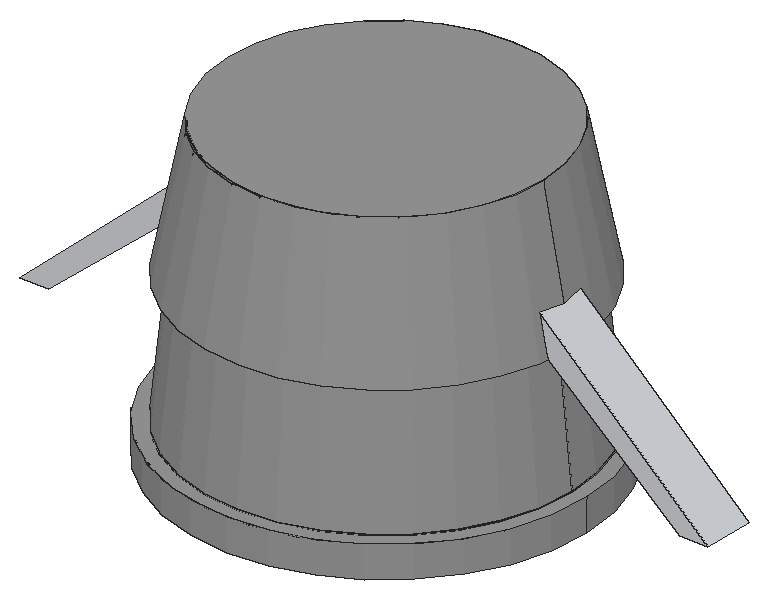
Revit family "KEPLER-DOWN_LIGHT_LED_14W_O140+connect_19_4000K", category Lighting Fixtures, host Ceiling, Revit 2021
Family settings
  Host = Ceiling
  Round Connector Dimension = Use Diameter
  Part Type = Normal
  OmniClass Number = 23.80.70.11
  OmniClass Title = Luminaries for Internal Lighting
  Always vertical = Yes
  Cut with Voids When Loaded = No
  Light Source = Yes
  Shared = No
  Room Calculation Point = No
Parameters
  Wattage = 10.0982 W
  built-in parameter 1150110 = 1 (stored number, unit not read)
  URL = "https://www.lucera.fr/"
  built-in parameter 1114217 = 1 (stored number, unit not read)
  Tilt Angle = 90.00°
  built-in parameter 1150109 = 1 (stored number, unit not read)
  built-in parameter 1150134 = 12
  built-in parameter 1150113 = 1 (stored number, unit not read)
  SDCM = "3"
  Puissance nominale = "14W"
  Photometric Web File = "google_eulumdat_converter.ies"
  Matériau = "Aluminium"
  Manufacturer = "Lucera - Lucera (c) 06/01/2021 16:39:40 +01:00"  # constant formula
  Maintien du flux = "L80B10 (50 000 heures)"
  Lumens = 1500 lm
  built-in parameter 1150115 = 1 (stored number, unit not read)
  built-in parameter 1150105 = 119.37 (stored number, unit not read)
  built-in parameter 1150137 = (empty or 0)
  built-in parameter 1150139 = (empty or 0)
  built-in parameter 1150112 = 1 (stored number, unit not read)
  built-in parameter 1150114 = 1 (stored number, unit not read)
  Lamp = "LED XC-COB Bridgelux 2630"
  built-in parameter 1150132 = 2
  built-in parameter 1150102 = (empty or 0)
  built-in parameter 1150138 = (empty or 0)
  built-in parameter 1150107 = 4000 (stored number, unit not read)
  built-in parameter 1150106 = 1.1937 (stored number, unit not read)
  IRC = ">90"
  built-in parameter 1150104 = 13.8 (stored number, unit not read)
  Durée de vie = "50 000 heures"
  Driver = "Driver Lifud TUV CE CCC"
  Dimming Lamp Color Temperature Shift = <None>
  Dimensions = "Ø 140 mm, H = 105mm"
  Dimension découpe = "Ø 120-130 mm"
  Default Elevation = 0.00 mm
  Couleur = "Blanc"
  Color Filter = 16777215
  built-in parameter 1114218 = 1 (stored number, unit not read)
  built-in parameter 1150133 = 10 (stored number, unit not read)
  Angle d'éclairage = "38°"
  Alimentation luminaire = "25-40V dc / 350mA"
  Alimentation Driver = "AC 220-240V"
Reference planes
  plane 1 "Light Source Axis (F/B)": y = 0
  plane 2 "Ceiling": z = 2438.4
  plane 3 "Light Source Axis (L/R)": x = 0
  plane 4 "Light Source Elevation": z = 2427.273
Forms (mm)
  Extrusion 1, solid, material "Aluminum, Blanc"
    sketch origin (0, 0, 2427.273) x (0, -1, 0) y (1, 0, 0)
      loop
        circle (0, 0) r 70
      loop
        circle (0, 0) r 65
    from 0 to 11.127
  Blend 2, solid, material "Aluminum, Blanc"
    base sketch origin (0, 0, 2427.273) x (0, -1, 0) y (1, 0, 0)
      loop
        circle (0, -0.239) r 64.761
    top sketch origin (0, 0, 2427.273) x (0, -1, 0) y (1, 0, 0)
      loop
        circle (0, -0.239) r 55
    from 11.127 to 105
  Blend 3, solid, material "Aluminum, Gris"
    base sketch origin (0.172, 0, 2428.61) x (0, -1, 0) y (1, 0, 0)
      loop
        circle (0, -0.239) r 64.761
    top sketch origin (0.172, 0, 2428.61) x (0, -1, 0) y (1, 0, 0)
      loop
        circle (0, -0.239) r 55
    from 54.951 to 103.664
  Extrusion 4, solid, material "Glass, White, High Luminance"
    sketch origin (0, 0, 2427.273) x (0, -1, 0) y (1, 0, 0)
      loop
        circle (0, -0.239) r 65.169
    from 0 to 11.127
  Extrusion 5, solid
    sketch origin (0, 0, 0) x (1, 0, 0) y (0, 0, 1)
      loop
        line (-64.828, 2483.561) -> (-60.946, 2498.049) -> (-120.397, 2444.519) -> (-110.397, 2444.519) -> (-64.828, 2483.561)
    from -7.984 to 9.634
  Extrusion 6, solid
    sketch origin (-0.478, 0, 0) x (-1, 0, 0) y (0, 0, -1)
      loop
        line (-64.828, -2483.561) -> (-110.397, -2444.519) -> (-120.397, -2444.519) -> (-60.946, -2498.049) -> (-64.828, -2483.561)
    from -7.984 to 9.634
Lines and regions (mm)
  reference lines
    curve 1: line (0, 0, 2427.273) -> (42.5, 0, 2427.273)
    curve 2: line (0, 0, 2427.273) -> (70, 0, 2427.273)
    curve 3: line (0, 0, 2427.273) -> (0, 0, 2532.273)
Dimensions and locks
  equal spacing: host sketch curve, plane 3 "Light Source Axis (L/R)", host sketch curve
  equal spacing: host sketch curve, plane 1 "Light Source Axis (F/B)", host sketch curve
  host sketch curve to host sketch curve = 3048.00 mm  (x2)
  aligned and locked: plane 1 "Light Source Axis (F/B)" to imposter light
  aligned and locked: plane 4 "Light Source Elevation" to imposter light
